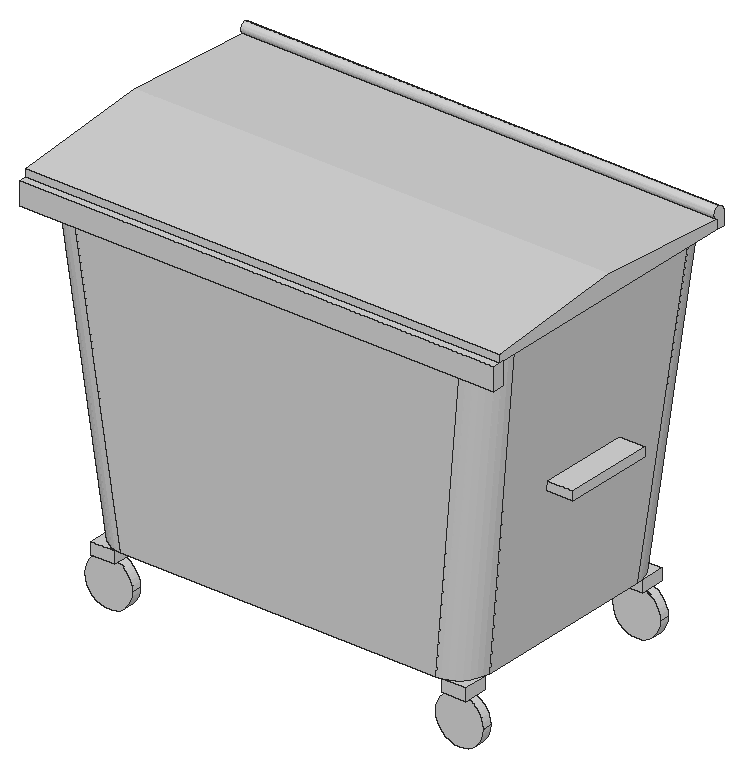
Revit family
Parameters
  Width = 1250 mm
  Overall Height = 1325 mm
  Base Height = 200 mm
  Body Height = 1230 mm
  Breadth = 820 mm
Reference planes
  plane 1 "Center (Front/Back)": y = 150.278
  plane 2: z = 0
  plane 3 "Center (Left/Right)": x = 25.211
  plane 4: y = 560.278
  plane 5: y = -259.722
  plane 6: x = -599.789
  plane 7: x = 650.211
  plane 8: z = 1230
  plane 9 "Base": z = 200
  plane 10: z = 1325
Forms (mm)
  Blend 1, solid, material "Plastic - Grey Light"
    base sketch origin (40, 0, 0) x (1, 0, 0) y (0, 1, 0)
      loop
        arc (-529.789, 560.278) -> (-607.571, 528.059) -> (-639.789, 450.278) r 110
        line (-639.789, 450.278) -> (-639.789, -159.722)
        arc (-639.789, -159.722) -> (-610.5, -230.433) -> (-539.789, -259.722) r 100
        line (-539.789, -259.722) -> (510.211, -259.722)
        arc (510.211, -259.722) -> (580.922, -230.433) -> (610.211, -159.722) r 100
        line (610.211, -159.722) -> (610.211, 460.278)
        arc (610.211, 460.278) -> (580.922, 530.988) -> (510.211, 560.278) r 100
        line (510.211, 560.278) -> (-529.789, 560.278)
    top sketch origin (40, 0, 0) x (1, 0, 0) y (0, 1, 0)
      loop
        arc (-664.789, 610.278) -> (-735.5, 580.988) -> (-764.789, 510.278) r 100
        line (-764.789, 510.278) -> (-764.789, -209.722)
        arc (-764.789, -209.722) -> (-735.5, -280.433) -> (-664.789, -309.722) r 100
        line (-664.789, -309.722) -> (635.211, -309.722)
        arc (635.211, -309.722) -> (705.922, -280.433) -> (735.211, -209.722) r 100
        line (735.211, -209.722) -> (735.211, 510.278)
        arc (735.211, 510.278) -> (705.922, 580.988) -> (635.211, 610.278) r 100
        line (635.211, 610.278) -> (-664.789, 610.278)
    from 200 to 1230
  Extrusion 2, solid, material "Plastic - Grey Light"
    sketch origin (0, 0, 0) x (1, 0, 0) y (0, 1, 0)
      loop
        line (-764.789, -309.722) -> (-764.789, -349.722) -> (815.211, -349.722) -> (815.211, -309.722) -> (-764.789, -309.722)
    from 1260 to 1185
  Extrusion 3, solid, material "Plastic - Grey Light"
    sketch origin (0, 0, 1230) x (0, -1, 0) y (-1, 0, 0)
      loop
        line (-610.278, 699.789) -> (-610.278, -750.211) -> (309.722, -750.211) -> (309.722, 699.789) -> (-610.278, 699.789)
    from 0 to -30
  Extrusion 4, solid, material "Plastic - Grey Light"
    sketch origin (25.211, 0, 0) x (0, 1, 0) y (0, 0, 1)
      loop
        line (-324.722, 1260) -> (585.278, 1260) -> (585.278, 1291.079)
        arc (585.278, 1291.079) -> (130.009, 1324.927) -> (-324.722, 1284.506) r 2806.154
        line (-324.722, 1284.506) -> (-324.722, 1260)
    from -790 to 790
  Extrusion 5, solid, material "Plastic - Grey Light"
    sketch origin (-54.511, 505.278, 0) x (1, 0, 0) y (0, 0, 1)
      loop
        circle (-505.278, 80) r 80
    from 0 to -30
  Extrusion 6, solid, material "Plastic - Grey Light"
    sketch origin (650.211, 0, 0) x (0, -1, 0) y (0, 0, 1)
      loop
        line (-300.278, 730) -> (-300.278, 700) -> (-0.278, 700) -> (-0.278, 730) -> (-300.278, 730)
    from 0 to -150
  Extrusion 7, solid, material "Plastic - Grey Light"
    sketch origin (-459.789, 0, 0) x (0, -1, 0) y (0, 0, -1)
      loop
        line (-300.278, -730) -> (-0.278, -730) -> (-0.278, -700) -> (-300.278, -700) -> (-300.278, -730)
    from -140 to -345
  Extrusion 8, solid, material "Plastic - Grey Light"
    sketch origin (40, -40, 200) x (0, -1, 0) y (-1, 0, 0)
      loop
        line (-600.278, 639.789) -> (-600.278, 559.789) -> (-520.278, 559.789) -> (-520.278, 639.789) -> (-600.278, 639.789)
    from 0 to 40
  Extrusion 9, solid, material "Plastic - Grey Light"
    sketch origin (104.933, 505.278, 0) x (-1, 0, 0) y (0, 0, -1)
      loop
        circle (-505.278, -80) r 80
    from 0 to -30
  Extrusion 10, solid, material "Plastic - Grey Light"
    sketch origin (10.422, -40, 200) x (0, 1, 0) y (1, 0, 0)
      loop
        line (600.278, 639.789) -> (520.278, 639.789) -> (520.278, 559.789) -> (600.278, 559.789) -> (600.278, 639.789)
    from 0 to 40
  Extrusion 11, solid, material "Plastic - Grey Light"
    sketch origin (-54.511, -204.722, 0) x (1, 0, 0) y (0, 0, -1)
      loop
        circle (-505.278, -80) r 80
    from 0 to -30
  Extrusion 12, solid, material "Plastic - Grey Light"
    sketch origin (40, 340.555, 200) x (0, -1, 0) y (-1, 0, 0)
      loop
        line (600.278, 639.789) -> (520.278, 639.789) -> (520.278, 559.789) -> (600.278, 559.789) -> (600.278, 639.789)
    from 0 to 40
  Extrusion 13, solid, material "Plastic - Grey Light"
    sketch origin (104.933, -204.722, 0) x (-1, 0, 0) y (0, 0, 1)
      loop
        circle (-505.278, 80) r 80
    from 0 to -30
  Extrusion 14, solid, material "Plastic - Grey Light"
    sketch origin (10.422, 340.555, 200) x (0, 1, 0) y (1, 0, 0)
      loop
        line (-600.278, 639.789) -> (-600.278, 559.789) -> (-520.278, 559.789) -> (-520.278, 639.789) -> (-600.278, 639.789)
    from 0 to 40
  Extrusion 15, solid, material "Plastic - Grey Light"
    sketch origin (25.211, 0, 0) x (0, 1, 0) y (0, 0, 1)
      loop
        line (610.278, 1260) -> (610.278, 1300)
        arc (610.278, 1300) -> (607.618, 1315.131) -> (595.844, 1325) r 22.427
        arc (595.844, 1325) -> (572.801, 1313.572) -> (585.278, 1291.079) r 17.783
        line (585.278, 1291.079) -> (585.278, 1260) -> (610.278, 1260)
    from 790 to -790
Cuts and joins
  joined: Blend 1, Extrusion 6, Extrusion 7
Dimensions and locks
  equal spacing: plane 5, plane 1 "Center (Front/Back)", plane 4
  equal spacing: plane 6, plane 3 "Center (Left/Right)", plane 7
  "Width": plane 6 to plane 7
  "Breadth": plane 5 to plane 4
  "Body Height": plane 8 to level
  Blend 1 sketch curve to plane 6 = 125 mm
  plane 7 to Blend 1 sketch curve = 125 mm
  "Base Height": plane 9 "Base" to level
  "Overall Height": plane 10 to level
  locked: Extrusion 4 sketch curve to plane 5 at 65
  aligned and locked: Blend 1 to plane 8
  aligned and locked: plane 9 "Base" to Blend 1
  aligned and locked: plane 6 to Extrusion 7
  aligned and locked: Blend 1 sketch curve to plane 6
  aligned and locked: plane 7 to Blend 1 sketch curve
  aligned and locked: Extrusion 4 to Extrusion 2
  aligned and locked: Extrusion 2 to Extrusion 4  (x2)
  aligned and locked: plane 6 to Extrusion 8
  aligned and locked: Extrusion 8 to plane 4
  aligned and locked: Extrusion 4 to Extrusion 3
  aligned and locked: Extrusion 15 to Extrusion 4  (x2)
Automatic sketch dimensions
  plane 6 to Extrusion 2 sketch curve = 165 mm
  Extrusion 2 sketch curve to plane 7 = 165 mm
  plane 5 to Extrusion 2 sketch curve = 90 mm
  plane 5 to Extrusion 2 sketch curve = 50 mm
  Extrusion 3 sketch curve to plane 4 = 50 mm
  plane 5 to Extrusion 3 sketch curve = 50 mm
  plane 6 to Extrusion 3 sketch curve = 100 mm
  Extrusion 3 sketch curve to plane 7 = 100 mm
  Blend 1 sketch curve to plane 4 = 0 mm
  Blend 1 sketch curve to plane 5 = 0 mm
  plane 7 to Blend 1 sketch curve = 100 mm
  Blend 1 sketch curve to plane 1 "Center (Front/Back)" = 300 mm
  Blend 1 sketch curve to Blend 1 sketch curve = 100 mm
  plane 4 to Blend 1 sketch curve = 100 mm
  plane 4 to Blend 1 sketch curve = 50 mm
  plane 6 to Blend 1 sketch curve = 25 mm  (x2)
  Blend 1 sketch curve to plane 7 = 25 mm
  Blend 1 sketch curve to plane 5 = 50 mm
  Extrusion 6 sketch curve to plane 1 "Center (Front/Back)" = 150 mm
  plane 1 "Center (Front/Back)" to Extrusion 6 sketch curve = 150 mm
  plane 8 to Extrusion 6 sketch curve = 530 mm
  Extrusion 6 sketch curve to Extrusion 6 sketch curve = 30 mm
  Extrusion 7 sketch curve to plane 1 "Center (Front/Back)" = 150 mm
  plane 1 "Center (Front/Back)" to Extrusion 7 sketch curve = 150 mm
  plane 8 to Extrusion 7 sketch curve = 500 mm
  Extrusion 7 sketch curve to Extrusion 7 sketch curve = 30 mm
  plane 5 to Blend 1 sketch curve = 50 mm
  Extrusion 8 sketch curve to plane 4 = 0 mm
  plane 4 to Extrusion 8 sketch curve = 80 mm
  plane 6 to Extrusion 8 sketch curve = 0 mm
  Extrusion 8 sketch curve to plane 6 = 80 mm
  Extrusion 5 sketch curve to plane 6 = 40 mm
  level to Extrusion 5 sketch curve = 80 mm
  plane 7 to Extrusion 9 sketch curve = 40 mm
  level to Extrusion 9 sketch curve = 80 mm
  Extrusion 10 sketch curve to plane 7 = 0 mm
  Extrusion 10 sketch curve to plane 4 = 0 mm
  plane 4 to Extrusion 10 sketch curve = 80 mm
  Extrusion 10 sketch curve to Extrusion 10 sketch curve = 80 mm
  Extrusion 11 sketch curve to plane 6 = 40 mm
  level to Extrusion 11 sketch curve = 80 mm
  Extrusion 12 sketch curve to plane 6 = 0 mm
  Extrusion 12 sketch curve to plane 5 = 0 mm
  Extrusion 12 sketch curve to plane 5 = 80 mm
  Extrusion 12 sketch curve to Extrusion 12 sketch curve = 80 mm
  plane 7 to Extrusion 13 sketch curve = 40 mm
  level to Extrusion 13 sketch curve = 80 mm
  Extrusion 14 sketch curve to plane 5 = 0 mm
  Extrusion 14 sketch curve to plane 7 = 0 mm
  Extrusion 14 sketch curve to plane 5 = 80 mm
  Extrusion 14 sketch curve to Extrusion 14 sketch curve = 80 mm
  Extrusion 4 sketch curve to plane 1 "Center (Front/Back)" = 0 mm
  Extrusion 4 sketch curve to plane 8 = 30 mm
  plane 10 to Extrusion 4 sketch curve = 33.921 mm
  Extrusion 4 sketch curve to level = 1481.154 mm
  Extrusion 4 sketch curve to plane 4 = 25 mm
  Extrusion 15 sketch curve to plane 10 = 0 mm  (x2)
  Extrusion 15 sketch curve to plane 4 = 25 mm
  Extrusion 15 sketch curve to Extrusion 15 sketch curve = 2.918 mm
  Extrusion 15 sketch curve to Extrusion 15 sketch curve = 1.584 mm
  Extrusion 15 sketch curve to Extrusion 15 sketch curve = 6.065 mm
  Extrusion 15 sketch curve to Extrusion 15 sketch curve = 20.498 mm
  Extrusion 15 sketch curve to Extrusion 15 sketch curve = 16.717 mm
  Extrusion 15 sketch curve to plane 8 = 30 mm
  radius of Extrusion 5 sketch curve = 80 mm
  radius of Extrusion 9 sketch curve = 80 mm
  radius of Extrusion 11 sketch curve = 80 mm
  radius of Extrusion 13 sketch curve = 80 mm
